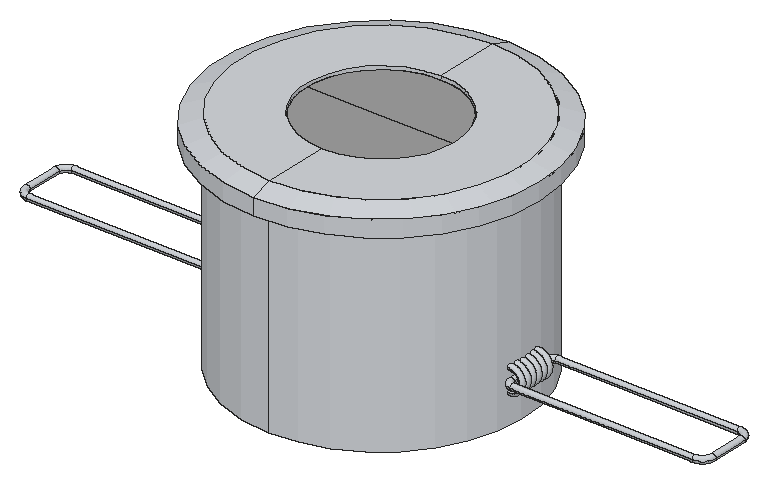
Revit family "0005352", category Lighting Fixtures, host Face, Revit 2017
Family settings
  Host = Face
  Round Connector Dimension = Use Diameter
  Part Type = Normal
  OmniClass Number = 23.80.70.00
  OmniClass Title = Lighting
  Cut with Voids When Loaded = No
  Light Source = Yes
  Shared = No
  Room Calculation Point = No
Parameters (values of type "0005352 OBICO IP65 FIRE 740LM 2CCT DIM WHT")
  Weight = "2.1 kg"
  Wattage Comments = ""
  Wattage = 8.5 W
  WarrantyStartDate [instance] = "n/a"
  WarrantyGuarantorParts = "n/a"
  WarrantyDurationUnit = "n/a"
  WarrantyDurationParts = "n/a"
  WarrantyDescription = "n/a"
  built-in parameter 1150110 = 1 (stored number, unit not read)
  Voltage = 0 V
  URL = "http://www.sylvania-lighting.com"
  TypeName = "OBICO IP65 FIRE 740LM 2CCT DIM ADJ WHT"
  Type Image = <None>
  Type Comments = "n/a"
  built-in parameter 1114217 = 1 (stored number, unit not read)
  Tilt Angle = -90.00°
  built-in parameter 1150109 = 1 (stored number, unit not read)
  built-in parameter 1150134 = 12
  built-in parameter 1150113 = 1 (stored number, unit not read)
  SerialNumber [instance] = "n/a"
  Photometric Web File = "0005352.ies"
  Material_3_SYL = none
  PowerFactor = 0.9
  PowerConsumption = "8.5 W"
  NominalLength = 117 mm
  NominalHeight = 54 mm
  NominalDepth = 96 mm
  Name = "OBICO IP65 FIRE 740LM 2CCT DIM ADJ WHT"
  ModelReference = Name  # "OBICO IP65 FIRE 740LM 2CCT DIM ADJ WHT"
  ModelNumber = "0005352"
  Model = Name  # "OBICO IP65 FIRE 740LM 2CCT DIM ADJ WHT"
  Material = "aluminium housing, pc polycarbonate diffuser"
  ManufacturerName = "Feilo Sylvania"
  Manufacturer = "Feilo Sylvania"
  LuminousEfficacy = "84 lm/W"
  built-in parameter 1150105 = 1066.7 (stored number, unit not read)
  Lumens = 714 lm
  LuminaireType = ""
  built-in parameter 1150115 = 1 (stored number, unit not read)
  LightOutputRatio = "n/a"
  built-in parameter 1150137 = (empty or 0)
  built-in parameter 1150139 = (empty or 0)
  LampsType = Lamp  # "LED"
  LampNominalLuminous = "720 lm"
  LampMacAdamStep = "6"
  LampColourTemperature = "4000 K"
  LampColourRenderingIndex = "80"
  built-in parameter 1150112 = 1 (stored number, unit not read)
  built-in parameter 1150114 = 1 (stored number, unit not read)
  Lamp = "LED"
  Keynote = "16500"
  InstallationDate [instance] = "n/a"
  InputVoltage = "n/a"
  InputNominalFrequency = "n/a"
  built-in parameter 1150132 = (empty or 0)
  built-in parameter 1150102 = (empty or 0)
  built-in parameter 1150107 = 4000 (stored number, unit not read)
  built-in parameter 1150138 = (empty or 0)
  IngressProtection = "IP65/20"
  ImpactProtectionIndex = "IK03"
  built-in parameter 1150106 = 10.667 (stored number, unit not read)
  IfcExportType = "IfcLightFixtureType"
  IfcExportAs = "IfcLightFixtureType"
  Emit from Circle Diameter = 609.6 mm
  Emit Shape Visible in Rendering = no
  ElectricShockClassification = "Class II"
  built-in parameter 1150104 = 7.8039 (stored number, unit not read)
  DocumentationLiterature = "http://www.sylvania-lighting.com/product/en-int/products/0005352"
  DimmingControlOptions = "n/a"
  Material_2_SYL = none
  Dimming Lamp Color Temperature Shift = <None>
  Description = "Integrated LED fire rated recessed spotlight, 2-axis adjustable (horizontal rotation 360°, vertical tilt 30°) RAL9016 white bezel colour, two temperature light colors selectable: 3000K, 4000K. Lumen output 740lm (4000K), 8.5W, dimmable trailing/leading edge, 38° degree beam angle, steel body, low profile 54mm recessed depth, IP65 frontal degree, IK03, loop-in/loop-out terminals for fast wiring, 96mm bezel diameter, 83mm cutout, clear lens. Additional chrome bezel ring included in the packaging. Designed and tested to meet Fire Rating Standards (30, 60, 90-minute fire rated ceilings) for safety and reassurance: BS 476-21:1987. Fire rated model tested for 30 & 60 minute I-Joist ceiling system (TRUfloorsystems® by Staircraft). Lifetime: 50.000 hours at L70. Energy Class: A++, A+, A."
  Default Elevation = 1219.2 mm
  CreatedOn = "2/23/2021"
  CreatedBy = "@sylvania-lighting.com"
  Cost = 0
  Color Filter = 16777215
  built-in parameter 1114216 [instance] = (empty or 0)
  ClassificationValue = "EF_70_80"
  ClassificationName = "Uniclass2015"
  Material_1_SYL = Default
  BarCode [instance] = "n/a"
  built-in parameter 1114218 = 1 (stored number, unit not read)
  built-in parameter 1150133 = 10 (stored number, unit not read)
  AssetType = "Fixed"
  AssetIdentifier [instance] = "n/a"
  Assembly Code = "D5020200"
  Apparent Load = 8.5 VA
  Material_4_SYL = none
Reference planes
  plane 1 "Center (Front/Back)": y = 0
  plane 2: z = 0
  plane 3 "Center (Left/Right)": x = 0
  plane 4: y = -48
  plane 5: y = 48
  plane 6: z = 7
  plane 7: z = 5
  plane 8: z = 6
  plane 9: z = -61
  plane 10: y = 42
  plane 11: z = -2
  plane 12: y = 22.5
  plane 13: y = 42.5
Forms (mm)
  Revolve 1, solid
    sketch origin (0.25, 1524, 1219.2) x (0, 1, 0) y (0, 0, 1)
      loop
        line (-1501.5, -1213.2) -> (-1501.5, -1214.2) -> (-1524, -1214.2) -> (-1524, -1280.2) -> (-1481.5, -1280.2) -> (-1481.5, -1219.2) -> (-1476, -1219.2) -> (-1476, -1214.2) -> (-1482, -1212.2) -> (-1501.5, -1212.2) -> (-1501.5, -1213.2)
      axis (-1524, -1280.2) -> (-1524, -1212.2)
    angle from 360 to 0
  Revolve 2, solid, material "Default" <- "Material_1_SYL"
    sketch origin (0, 0, 0) x (1, 0, 0) y (0, 0, 1)
      loop
        line (-22.25, 5) -> (0, 5) -> (0, 6.094) -> (-22.25, 6.094) -> (-22.25, 5)
      axis (0, 6.094) -> (0, 5)
    angle from 360 to 0
  Sweep 3, solid
    path origin (-13.557, 1.431, -15.219) x (1, 0, 0) y (0, 1, 0)
      loop
        arc (-87, 8.5) -> (-89.121, 7.621) -> (-90, 5.5) r 3
        line (-90, 5.5) -> (-90, -5.5)
        arc (-90, -5.5) -> (-89.121, -7.621) -> (-87, -8.5) r 3
        line (-87, -8.5) -> (-32, -8.5)
        arc (-32, -8.5) -> (-30.586, -7.914) -> (-30, -6.5) r 2
        line (-30, -6.5) -> (-30, 6.5)
        arc (-30, 6.5) -> (-30.586, 7.914) -> (-32, 8.5) r 2
        line (-32, 8.5) -> (-87, 8.5)
    profile origin (-73.057, 9.931, -15.219) x (0, 1, 0) y (0, 0, 1)
      loop
        circle (0, -33.041) r 0.899
  Revolve 4, solid
    sketch origin (-42.785, 1524.562, 1203.825) x (0, 1, 0) y (0, 0, 1)
      loop
        circle (-1518.723, -1248.745) r 0.801
      loop
        circle (-1520.733, -1248.823) r 0.801
      loop
        circle (-1522.743, -1248.823) r 0.801
      loop
        circle (-1524.772, -1248.823) r 0.801
      loop
        circle (-1526.817, -1248.823) r 0.801
      loop
        circle (-1528.846, -1248.823) r 0.801
      axis (-1529.647, -1252.2) -> (-1517.923, -1252.2)
    angle from -29.09 to 193.564
  Sweep 5, solid
    path origin (13.557, 1.431, -15.219) x (-1, 0, 0) y (0, -1, 0)
      loop
        line (-87, -8.5) -> (-32, -8.5)
        arc (-32, -8.5) -> (-30.586, -7.914) -> (-30, -6.5) r 2
        line (-30, -6.5) -> (-30, 6.5)
        arc (-30, 6.5) -> (-30.586, 7.914) -> (-32, 8.5) r 2
        line (-32, 8.5) -> (-87, 8.5)
        arc (-87, 8.5) -> (-89.121, 7.621) -> (-90, 5.5) r 3
        line (-90, 5.5) -> (-90, -5.5)
        arc (-90, -5.5) -> (-89.121, -7.621) -> (-87, -8.5) r 3
    profile origin (73.057, 9.931, -15.219) x (0, -1, 0) y (0, 0, 1)
      loop
        circle (0, -33.041) r 0.899
  Revolve 6, solid
    sketch origin (42.785, 1524.562, 1203.825) x (0, 1, 0) y (0, 0, -1)
      loop
        circle (-1518.723, 1248.745) r 0.801
      loop
        circle (-1520.733, 1248.823) r 0.801
      loop
        circle (-1522.743, 1248.823) r 0.801
      loop
        circle (-1524.772, 1248.823) r 0.801
      loop
        circle (-1526.817, 1248.823) r 0.801
      loop
        circle (-1528.846, 1248.823) r 0.801
      axis (-1529.647, 1252.2) -> (-1517.923, 1252.2)
    angle from -29.09 to 193.564
Dimensions and locks
  aligned and locked: plane 2 to host face
  aligned and locked: level to host face
Connectors
  electrical at (0, 20.8, -61)
    settings: on plane 9, index 1, voltage 0 V, apparent load 0 VA, apparent load phase1 0 VA, apparent load phase2 0 VA, apparent load phase3 0 VA, power factor 1, load classification "Other", number of poles 1, system type 31, power factor state 1, is connector primary yes, connector utility no, sub classification motor no, connector description ""
